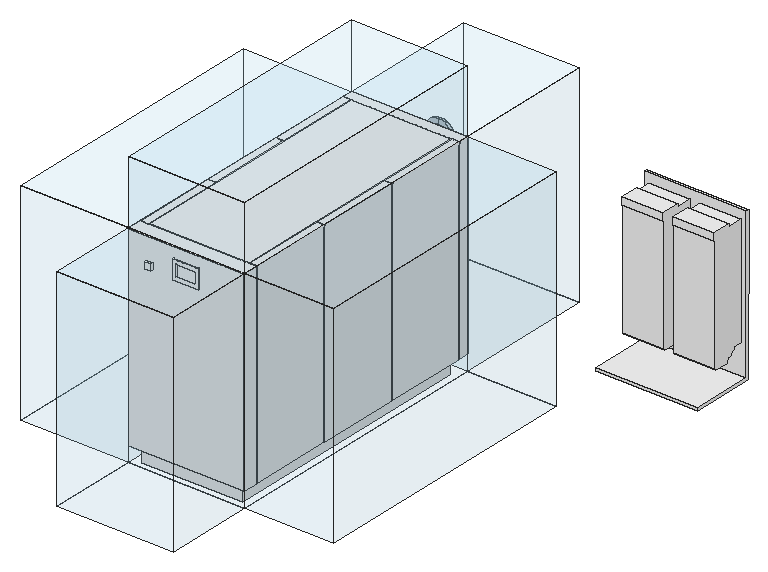
Revit family "VIESSMANN - Vitocal 350-G Pro 352 - C210", category Mechanical Equipment, Revit 2021
Family settings
  Round Connector Dimension = Use Diameter
  Part Type = Normal
  OmniClass Number = 23.75.10.21.17
  OmniClass Title = Water-Source Heat Pumps
  Work Plane-Based = No
  Always vertical = Yes
  Cut with Voids When Loaded = No
  Shared = No
  Room Calculation Point = No
Parameters (values of type "B0/W35")
  Wysokość całkowita = 1652.4 mm
  Waga przetwornicy częstotliwości wraz ze stelażem = 162.50 kg
  Odstęp minimalny pompy ciepła od ściany = "Odstęp minimalny pompy ciepła od ściany"  # constant formula
  Obieg wtórny. Strata ciśnienia przy znamionowym przepływie objętościowym = 36.0 kPa
  Obieg wtórny. Znamionowy przepływ objętościowy = 33.3 m³/h
  Obieg wtórny. Strata ciśnienia przy minimalnym przepływie objętościowym = 14.0 kPa
  Obieg wtórny. Pojemność wymiennika ciepła (woda) = 43.0 L
  Obieg wtórny. Różnica temperatur = "5 K"
  Obieg wtórny. Minimalny przepływ objętościowy = 11.7 m³/h
  Obieg wtórny. Maks. temperatura na zasilaniu obiegu wtórnego przy zasilaniu solanką z obiegu pierwotnego B –16°C = 56 °C
  Obieg wtórny. Maks. temperatura na zasilaniu obiegu wtórnego przy zasilaniu solanką z obiegu pierwotnego  B –7°C = 62 °C
  Obieg wtórny. Maks. temperatura na zasilaniu obiegu wtórnego przy zasilaniu solanką z obiegu pierwotnego B od –1 do 25°CB –1 = 75 °C
  Obieg pierwotny. Strata ciśnienia przy znamionowym przepływie objętościowym = 30.0 kPa
  Obieg pierwotny. Znamionowy przepływ objętościowy = 48.1 m³/h
  Znamionowe natężenie sprężarek (łącznie) = 106.5 A
  Znamionowa moc grzewcza = 192.6 kW
  Zakres mocy = "17 - 100%"
  Wydajność chłodnicza = 141.7 kW
  Stopień efektywności ∊ (COP) = 3.51
  Obieg pierwotny. Strata ciśnienia przy minimalnym przepływie = 10.0 kPa
  Obieg pierwotny. Pojemność wymiennika ciepła (solanka) = 43.0 L
  Podaj długość odsunięcia przetwornicy [instance] = "Maksymalny odstęp (c/d) - w bok 1400 mm, wzdłuż 1000 mm"  # constant formula
  Viessmann Kolor 1 = Viessmann Kolor 1
  URL = "https://www.viessmann.pl/"
  Szerokość całkowita = 911 mm
  Strefa serwisowa [instance] = yes
  Pobór mocy elektrycznej (bez pomp zewnętrznych) = 54.9 kW
  Odsunięcie przetwornicy wzdłuż "c" Rzeczywista [instance] = if([Odsunięcie przetwornicy wzdłuż "c"] > 2000 mm, 2000 mm, if([Odsunięcie przetwornicy wzdłuż "c"] < 500 mm, 500 mm, [Odsunięcie przetwornicy wzdłuż "c"]))  # 1000 mm
  Odsunięcie przetwornicy wzdłuż "c" [instance] = 1000 mm
  Odsunięcie przetwornicy w bok "d" Rzeczywista [instance] = if([Odsunięcie przetwornicy w bok "d"] > 1400 mm, 1400 mm, [Odsunięcie przetwornicy w bok "d"])  # 1400 mm
  Odsunięcie przetwornicy w bok "d" [instance] = 1400 mm
  Minimalna kubatura pomieszczenia = 78.00 m³
  Obieg wtórny. Min. temperatura na zasilaniu zasobnika lodu = 29 °C
  KOMUNIKAT = "Max. Długość przewodu od obudowy  - 2400 mm"  # constant formula
  Długość strefy serwisowej od ściany prawej = 700 mm  # constant formula
  Długość strefy serwisowej od ściany lewej = 850 mm  # constant formula
  Długość strefy serwisowej od tyłu "b" = 1100 mm  # constant formula
  Obieg pierwotny. Różnica temperatur = "3 K"
  Obieg pierwotny. Min. temperatura solanki na wlocie na granicy zabezpieczenia przed zamrożeniem –25,2°C (40% obj.) = -16 °C
  Obieg pierwotny. Min. temperatura solanki na wlocie na granicy zabezpieczenia przed zamrożeniem –16,1°C (30% obj.) = -7 °C
  Obieg pierwotny. Granica zabezpieczenia przed zamrożeniem. Źródła ciepła - grunt i woda = -16.1 °C
  Obieg pierwotny. Granica zabezpieczenia przed zamrożeniem. Źródła ciepła -  powietrze i zasobnik lodu = -25.2 °C
  Obieg pierwotny. Minimalny przepływ objętościowy (50% znamionowego przepływu objętościowego w przypadku B0/W35) = 22.3 m³/h
  Masa urządzenia podstwowego = 1650.00 kg
  Manufacturer = "Viessmann Sp. z o.o."
  Długość przewodu od obudowy ciepła (c+d) Rzeczywista [instance] = [Odsunięcie przetwornicy wzdłuż "c"] + [Odsunięcie przetwornicy w bok "d"]  # 2400 mm
  Długość przewodu od obudowy ciepła (c+d) [instance] = if([Odsunięcie przetwornicy wzdłuż "c"] + [Odsunięcie przetwornicy w bok "d"] > 2399 mm, 2400 mm, [Długość przewodu od obudowy ciepła (c+d) Rzeczywista])  # 2400 mm
  Description = "Vitocal 350-G PRO to kompaktowa, monowalentna pompa ciepła typu solanka/woda do ogrzewania, chłodzenia oraz podgrzewu wody użytkowej. Jako źródło ciepła można wykorzystać grunt, wodę gruntową lub powietrze zewnętrzne. Dzięki czterem typom, Vitocal 350-G PRO jest elastycznym rozwiązaniem grzewczym i chłodniczym, spełniającym indywidualne wymagania budynków mieszkalnych, komercyjnych i przemysłowych."
  Model = "Pompy ciepła solanka /woda Vitocal 350-G PRO o temperaturze zasilania do 75°C\r"  # constant formula
  Długość strefy serwisowej od przodu "e" = 700 mm  # constant formula
  Długość całkowita = 2190 mm
  Default Elevation = 0 mm
  Autor = "www.archispace.pl"
Types (3, lengths in mm): name | Obieg wtórny. Strata ciśnienia przy znamionowym przepływie objętościowym | Obieg wtórny. Znamionowy przepływ objętościowy | Obieg wtórny. Strata ciśnienia przy minimalnym przepływie objętościowym | Obieg wtórny. Różnica temperatur | Obieg wtórny. Minimalny przepływ objętościowy | Obieg pierwotny. Strata ciśnienia przy znamionowym przepływie objętościowym | Obieg pierwotny. Znamionowy przepływ objętościowy | Znamionowe natężenie sprężarek (łącznie) | Znamionowa moc grzewcza | Wydajność chłodnicza | Stopień efektywności ∊ (COP) | Obieg pierwotny. Strata ciśnienia przy minimalnym przepływie | Pobór mocy elektrycznej (bez pomp zewnętrznych)
  (no name) | 36.0 kPa | 33.3 m³/h | 14.0 kPa | "5 K" | 11.7 m³/h | 30.0 kPa | 48.1 m³/h | 106.5 A | 192.6 kW | 141.7 kW | 3.51 | 10.0 kPa | 54.9 kW
  B0/W35 | 36.0 kPa | 33.3 m³/h | 14.0 kPa | "5 K" | 11.7 m³/h | 30.0 kPa | 48.1 m³/h | 106.5 A | 192.6 kW | 141.7 kW | 3.51 | 10.0 kPa | 54.9 kW
  B0/W55 | 10.0 kPa | 17.4 m³/h | 4.0 kPa | "8 K" | 6.1 m³/h | 20.0 kPa | 33.7 m³/h | 119.8 A | 162.0 kW | 106.0 kW | 2.68 | 6.0 kPa | 60.4 kW
Reference planes
  plane 1 "Środek (Przód/Tył)": y = 50
  plane 2: z = 0
  plane 3 "Środek (Lewa/Prawa)": x = 0
  plane 4: y = 50
  plane 5: y = -2140
  plane 6: y = -2140
  plane 7: z = 1652.4
  plane 8: x = 455.5
  plane 9: x = -455.5
  plane 10: x = -1305.5
  plane 11: x = 1155.5
  plane 12: y = -2840
  plane 13: z = 2152.4
Forms (mm)
  Extrusion 1, solid, material "Viessmann Strefy Serwisowe", visible <- "Strefa serwisowa"
    sketch origin (0, 0, 0) x (1, 0, 0) y (0, 1, 0)
      loop
        line (-455.5, 50) -> (-1305.5, 50) -> (-1305.5, -2140) -> (-455.5, -2140) -> (-455.5, 50)
    from 0 to 1652.4
  Extrusion 2, solid, material "Viessmann Strefy Serwisowe", visible <- "Strefa serwisowa"
    sketch origin (0, 0, 0) x (-1, 0, 0) y (0, -1, 0)
      loop
        line (-455.5, -50) -> (-455.5, 2140) -> (-1155.5, 2140) -> (-1155.5, -50) -> (-455.5, -50)
    from 0 to 1652.4
  Extrusion 3, solid, material "Viessmann Strefy Serwisowe", visible <- "Strefa serwisowa"
    sketch origin (1476.269, 2188.659, 0) x (1, 0, 0) y (0, 1, 0)
      loop
        line (-1020.769, -1038.659) -> (-1931.769, -1038.659) -> (-1931.769, -2138.659) -> (-1020.769, -2138.659) -> (-1020.769, -1038.659)
    from 0 to 1652.4
  Extrusion 4, solid, material "Viessmann Strefy Serwisowe", visible <- "Strefa serwisowa"
    sketch origin (1476.269, 248.659, 0) x (1, 0, 0) y (0, 1, 0)
      loop
        line (-1020.769, -2388.659) -> (-1931.769, -2388.659) -> (-1931.769, -3088.659) -> (-1020.769, -3088.659) -> (-1020.769, -2388.659)
    from 0 to 1652.4
  Extrusion 5, solid, material "Viessmann Strefy Serwisowe", visible <- "Strefa serwisowa"
    sketch origin (0, 0, 0) x (1, 0, 0) y (0, 1, 0)
      loop
        line (455.5, 50) -> (-455.5, 50) -> (-455.5, -2140) -> (455.5, -2140) -> (455.5, 50)
    from 1652.4 to 2152.4
Lines and regions (mm)
  reference lines
    curve 1: line (1836.5, 1050, 0) -> (1855.5, 1050, 0)
    curve 2: line (1855.5, 1050, 0) -> (1855.5, 1550, 0)
Dimensions and locks
  "Długość całkowita": plane 5 to plane 1 "Środek (Przód/Tył)"
  "Wysokość całkowita": plane 7 to plane 2
  Extrusion 4 sketch curve to plane 3 "Środek (Lewa/Prawa)" = 455.5 mm
  plane 3 "Środek (Lewa/Prawa)" to Extrusion 4 sketch curve = 455.5 mm
  Extrusion 3 sketch curve to plane 3 "Środek (Lewa/Prawa)" = 455.5 mm
  plane 3 "Środek (Lewa/Prawa)" to Extrusion 3 sketch curve = 455.5 mm
  equal spacing: plane 9, plane 3 "Środek (Lewa/Prawa)", plane 8
  "Szerokość całkowita": plane 9 to plane 8
  "Długość strefy serwisowej od tyłu "b"": Extrusion 3 sketch curve to plane 4
  "Odsunięcie przetwornicy wzdłuż "c" Rzeczywista": plane 4 to curve 1
  "Odsunięcie przetwornicy w bok "d" Rzeczywista": plane 8 to curve 2
  "Długość strefy serwisowej od ściany lewej": plane 10 to plane 9
  "Długość strefy serwisowej od ściany prawej": plane 8 to plane 11
  "Długość strefy serwisowej od przodu "e"": plane 5 to plane 12
  plane 4 to nested 2 = 500 mm
  plane 8 to nested 2 = 600 mm
  locked: plane 13 to plane 7 at 500
  aligned and locked: level to plane 2
  aligned and locked: Extrusion 1 to plane 5
  aligned and locked: Extrusion 1 to Extrusion 2
  aligned and locked: Extrusion 4 to Extrusion 1
  aligned and locked: Extrusion 2 to plane 1 "Środek (Przód/Tył)"
  aligned and locked: plane 7 to Extrusion 1
  aligned and locked: Extrusion 2 to plane 7
  aligned and locked: plane 7 to Extrusion 3
  aligned and locked: plane 7 to Extrusion 4
  aligned and locked: nested 1 to plane 3 "Środek (Lewa/Prawa)"
  aligned and locked: nested 1 to plane 4
  aligned and locked: Extrusion 3 to plane 4
  aligned and locked: Extrusion 3 sketch curve to plane 4
  aligned and locked: plane 4 to Extrusion 1 sketch curve
  aligned and locked: nested 2 to curve 1
  aligned and locked: nested 2 to curve 2
  aligned and locked: Extrusion 1 sketch curve to plane 10
  aligned and locked: Extrusion 2 sketch curve to plane 11
  aligned and locked: Extrusion 2 sketch curve to plane 8
  aligned and locked: Extrusion 1 sketch curve to plane 9
  aligned and locked: Extrusion 4 sketch curve to plane 12
  aligned and locked: Extrusion 5 to plane 7
  aligned and locked: plane 8 to Extrusion 5
  aligned and locked: Extrusion 5 to plane 9
  aligned and locked: Extrusion 5 to plane 5
  aligned and locked: Extrusion 5 to plane 1 "Środek (Przód/Tył)"
Automatic sketch dimensions
  Extrusion 1 sketch curve to plane 5 = 0 mm
  plane 1 "Środek (Przód/Tył)" to Extrusion 2 sketch curve = 0 mm
  plane 5 to Extrusion 2 sketch curve = 0 mm
  Extrusion 4 sketch curve to plane 5 = 0 mm
  plane 1 "Środek (Przód/Tył)" to Extrusion 5 sketch curve = 0 mm
  plane 10 to Extrusion 5 sketch curve = 850 mm
  plane 5 to Extrusion 5 sketch curve = 0 mm
  Extrusion 5 sketch curve to plane 9 = 911 mm
  curve 1 to curve 1 = 19 mm
  curve 1 to curve 2 = 500 mm
Nested families
  nested 1: "Vitocal 350-G PRO 352. typ C210" at (0, 50, 0), type "C210"
  nested 2: "Vitocal - Przetwornica częstotliwości ze stależem" at (1455.5, 800, 0), type "C210"
Connectors
  electrical at (-272.721, -30, 1564.6), driven by "Pobór mocy elektrycznej (bez pomp zewnętrznych)"
    settings: on nested 1, index 2, voltage 400 V, apparent load 54900 VA, apparent load phase1 0 VA, apparent load phase2 0 VA, apparent load phase3 0 VA, power factor 1, load classification "Other", number of poles 1, system type 30, power factor state 1, is connector primary yes, connector utility no, sub classification motor no, connector description ""
  piping at (-45.519, 410, 1345.002), diameter 88, driven by "Obieg wtórny. Znamionowy przepływ objętościowy"
    settings: on nested 1, index 3, connector inside diameter 609.6 mm, connector length 0 mm, flow factor 0, pipe flow 33.3 m³/h, pressure drop 0.0 kPa, fitting loss kfactor 0, connector angle 0.00°, fixture units 0, engagement length 0 mm, angle of deflection 0.00°, flow configuration 0, flow direction 0, fitting loss method 0, system type 7, joint type 0, gender type 0, connector reference index -1, connector utility 0, adjustable connector no, is connector primary yes, connector description ""
  piping at (-45.519, 410, 491.002), diameter 88, driven by "Obieg wtórny. Znamionowy przepływ objętościowy"
    settings: on nested 1, index 4, connector inside diameter 609.6 mm, connector length 0 mm, flow factor 0, pipe flow 33.3 m³/h, pressure drop 0.0 kPa, fitting loss kfactor 0, connector angle 0.00°, fixture units 0, engagement length 0 mm, angle of deflection 0.00°, flow configuration 0, flow direction 0, fitting loss method 0, system type 8, joint type 0, gender type 0, connector reference index -1, connector utility 0, adjustable connector no, is connector primary no, connector description ""
  piping at (148.481, 215, 491.002), diameter 88, driven by "Obieg pierwotny. Znamionowy przepływ objętościowy"
    settings: on nested 1, index 5, connector inside diameter 609.6 mm, connector length 0 mm, flow factor 0, pipe flow 48.1 m³/h, pressure drop 0.0 kPa, fitting loss kfactor 0, connector angle 0.00°, fixture units 0, engagement length 0 mm, angle of deflection 0.00°, flow configuration 0, flow direction 0, fitting loss method 0, system type 8, joint type 0, gender type 0, connector reference index -1, connector utility 0, adjustable connector no, is connector primary no, connector description ""
  piping at (148.481, 215, 1345.002), diameter 88, driven by "Obieg pierwotny. Znamionowy przepływ objętościowy"
    settings: on nested 1, index 6, connector inside diameter 609.6 mm, connector length 0 mm, flow factor 0, pipe flow 48.1 m³/h, pressure drop 0.0 kPa, fitting loss kfactor 0, connector angle 0.00°, fixture units 0, engagement length 0 mm, angle of deflection 0.00°, flow configuration 0, flow direction 0, fitting loss method 0, system type 7, joint type 0, gender type 0, connector reference index -1, connector utility 0, adjustable connector no, is connector primary no, connector description ""
Definition of nested family "Vitocal 350-G PRO 352. typ C210"
  Parameters (values of type "C210")
    Wysokość = 1652.4 mm
    Szerokość = 911 mm
    Materiał = none
    Inny odstęp = no
    Długość = 2191 mm
    Default Elevation = 0 mm
  Reference planes
    plane 1 "Center (Front/Back)": y = 0
    plane 2: z = 0
    plane 3 "Center (Left/Right)": x = 0
    plane 4: z = 1652.4
    plane 5: z = 126.2
    plane 6: x = 455.5
    plane 7: x = -455.5
    plane 8: x = -451.5
    plane 9: x = 451.5
    plane 10: y = -4
    plane 11: z = 491.002
    plane 12: y = -2191
    plane 13: y = -2211
    plane 14: y = -2198
    plane 15: x = -395
    plane 16: x = 395
    plane 17: z = 1345.002
    plane 18: x = 148.481
    plane 19: x = -45.519
    plane 20: y = 360
  Forms (mm)
    Extrusion 1, solid, material <- "Materiał", detail levels medium+fine
      sketch origin (0, -876.5, 0) x (1, 0, 0) y (0, 1, 0)
        loop
          line (-398.973, 793.559) -> (-450.996, 793.559)
          arc (-450.996, 793.559) -> (-453.825, 792.387) -> (-454.996, 789.559) r 4
          line (-454.996, 789.559) -> (-454.996, 137.559)
          arc (-454.996, 137.559) -> (-453.825, 134.731) -> (-450.996, 133.559) r 4
          line (-450.996, 133.559) -> (-398.973, 133.559)
          arc (-398.973, 133.559) -> (-396.144, 134.731) -> (-394.973, 137.559) r 4
          line (-394.973, 137.559) -> (-394.973, 789.559)
          arc (-394.973, 789.559) -> (-396.144, 792.387) -> (-398.973, 793.559) r 4
        loop
          line (-398.973, 130.559) -> (-450.996, 130.559)
          arc (-450.996, 130.559) -> (-453.825, 129.387) -> (-454.996, 126.559) r 4
          line (-454.996, 126.559) -> (-454.996, -525.441)
          arc (-454.996, -525.441) -> (-453.825, -528.269) -> (-450.996, -529.441) r 4
          line (-450.996, -529.441) -> (-398.973, -529.441)
          arc (-398.973, -529.441) -> (-396.144, -528.269) -> (-394.973, -525.441) r 4
          line (-394.973, -525.441) -> (-394.973, 126.559)
          arc (-394.973, 126.559) -> (-396.144, 129.387) -> (-398.973, 130.559) r 4
        loop
          line (-398.973, -532.336) -> (-450.996, -532.336)
          arc (-450.996, -532.336) -> (-453.825, -533.508) -> (-454.996, -536.336) r 4
          line (-454.996, -536.336) -> (-454.996, -1188.336)
          arc (-454.996, -1188.336) -> (-453.825, -1191.165) -> (-450.996, -1192.336) r 4
          line (-450.996, -1192.336) -> (-398.973, -1192.336)
          arc (-398.973, -1192.336) -> (-396.144, -1191.165) -> (-394.973, -1188.336) r 4
          line (-394.973, -1188.336) -> (-394.973, -536.336)
          arc (-394.973, -536.336) -> (-396.144, -533.508) -> (-398.973, -532.336) r 4
        loop
          line (451.5, 793.559) -> (399.476, 793.559)
          arc (399.476, 793.559) -> (396.648, 792.387) -> (395.476, 789.559) r 4
          line (395.476, 789.559) -> (395.476, 137.559)
          arc (395.476, 137.559) -> (396.648, 134.731) -> (399.476, 133.559) r 4
          line (399.476, 133.559) -> (451.5, 133.559)
          arc (451.5, 133.559) -> (454.328, 134.731) -> (455.5, 137.559) r 4
          line (455.5, 137.559) -> (455.5, 789.559)
          arc (455.5, 789.559) -> (454.328, 792.387) -> (451.5, 793.559) r 4
        loop
          line (451.5, 130.559) -> (399.476, 130.559)
          arc (399.476, 130.559) -> (396.648, 129.387) -> (395.476, 126.559) r 4
          line (395.476, 126.559) -> (395.476, -525.441)
          arc (395.476, -525.441) -> (396.648, -528.269) -> (399.476, -529.441) r 4
          line (399.476, -529.441) -> (451.5, -529.441)
          arc (451.5, -529.441) -> (454.328, -528.269) -> (455.5, -525.441) r 4
          line (455.5, -525.441) -> (455.5, 126.559)
          arc (455.5, 126.559) -> (454.328, 129.387) -> (451.5, 130.559) r 4
        loop
          line (451.5, -532.336) -> (399.476, -532.336)
          arc (399.476, -532.336) -> (396.648, -533.508) -> (395.476, -536.336) r 4
          line (395.476, -536.336) -> (395.476, -1188.336)
          arc (395.476, -1188.336) -> (396.648, -1191.165) -> (399.476, -1192.336) r 4
          line (399.476, -1192.336) -> (451.5, -1192.336)
          arc (451.5, -1192.336) -> (454.328, -1191.165) -> (455.5, -1188.336) r 4
          line (455.5, -1188.336) -> (455.5, -536.336)
          arc (455.5, -536.336) -> (454.328, -533.508) -> (451.5, -532.336) r 4
        loop
          arc (392.53, 789.559) -> (391.358, 792.387) -> (388.53, 793.559) r 4
          line (388.53, 793.559) -> (-388.07, 793.559)
          arc (-388.07, 793.559) -> (-390.898, 792.387) -> (-392.07, 789.559) r 4
          line (-392.07, 789.559) -> (-392.07, -1188.336)
          arc (-392.07, -1188.336) -> (-390.898, -1191.165) -> (-388.07, -1192.336) r 4
          line (-388.07, -1192.336) -> (388.53, -1192.336)
          arc (388.53, -1192.336) -> (391.358, -1191.165) -> (392.53, -1188.336) r 4
          line (392.53, -1188.336) -> (392.53, 789.559)
        loop
          arc (-451.5, -1194.5) -> (-454.328, -1195.672) -> (-455.5, -1198.5) r 4
          line (-455.5, -1198.5) -> (-455.5, -1310.5)
          arc (-455.5, -1310.5) -> (-454.328, -1313.328) -> (-451.5, -1314.5) r 4
          line (-451.5, -1314.5) -> (451.5, -1314.5)
          arc (451.5, -1314.5) -> (454.328, -1313.328) -> (455.5, -1310.5) r 4
          line (455.5, -1310.5) -> (455.5, -1198.5)
          arc (455.5, -1198.5) -> (454.328, -1195.672) -> (451.5, -1194.5) r 4
          line (451.5, -1194.5) -> (-451.5, -1194.5)
        loop
          arc (-451.5, 876.5) -> (-454.328, 875.328) -> (-455.5, 872.5) r 4
          line (-455.5, 872.5) -> (-455.5, 800.5)
          arc (-455.5, 800.5) -> (-454.328, 797.672) -> (-451.5, 796.5) r 4
          line (-451.5, 796.5) -> (451.5, 796.5)
          arc (451.5, 796.5) -> (454.328, 797.672) -> (455.5, 800.5) r 4
          line (455.5, 800.5) -> (455.5, 872.5)
          arc (455.5, 872.5) -> (454.328, 875.328) -> (451.5, 876.5) r 4
          line (451.5, 876.5) -> (-451.5, 876.5)
      from 126.2 to 1652.4
    Extrusion 2, solid, material <- "Materiał", detail levels medium+fine
      sketch origin (0, 177.022, 0) x (0, 1, 0) y (0, 0, 1)
        loop
          line (-278.072, 126.2) -> (-2313.122, 126.2) -> (-2313.122, 0) -> (-278.072, 0) -> (-278.072, 126.2)
      from -395 to 395
    Extrusion 3, solid, material <- "Materiał", detail levels fine
      sketch origin (0, 0, -4) x (1, 0, 0) y (0, 0, 1)
        loop
          line (-313.5, 1431.4) -> (-263.5, 1431.4) -> (-263.5, 1481.4) -> (-313.5, 1481.4) -> (-313.5, 1431.4)
      from 2191 to 2211
    Extrusion 4, void
      sketch origin (-19.603, -5, 1652.4) x (0, 0, -1) y (-1, 0, 0)
        loop
          line (121.45, -305.332) -> (121.45, -111.832) -> (58.95, -111.832) -> (58.95, -305.332) -> (121.45, -305.332)
        loop
          line (121.45, -55.332) -> (121.45, 138.168) -> (58.95, 138.168) -> (58.95, -55.332) -> (121.45, -55.332)
        loop
          circle (90.2, 253.118) r 69
        loop
          circle (1348.7, -207.332) r 8.5
        loop
          circle (1348.7, -182.332) r 8.5
        loop
          circle (1348.7, -132.332) r 25.5
        loop
          circle (1348.7, -57.332) r 25.5
        loop
          circle (1348.7, 17.668) r 20.5
        loop
          circle (1348.7, 92.668) r 20.5
        loop
          circle (1348.7, 142.668) r 8.5
        loop
          circle (1348.7, 167.668) r 8.5
        loop
          arc (206.2, -166.583) -> (235.489, -237.293) -> (306.2, -266.583) r 100
          arc (306.2, -266.583) -> (376.911, -237.293) -> (406.2, -166.583) r 100
          line (406.2, -166.583) -> (406.2, 26.917)
          arc (406.2, 26.917) -> (306.2, 126.917) -> (206.2, 26.917) r 100
          line (206.2, 26.917) -> (206.2, -166.583)
        loop
          line (1060.2, 26.917) -> (1060.2, -166.583)
          arc (1060.2, -166.583) -> (1089.489, -237.293) -> (1160.2, -266.583) r 100
          arc (1160.2, -266.583) -> (1230.911, -237.293) -> (1260.2, -166.583) r 100
          line (1260.2, -166.583) -> (1260.2, 26.917)
          arc (1260.2, 26.917) -> (1160.2, 126.917) -> (1060.2, 26.917) r 100
      from -77.941 to 5
    Extrusion 5, solid, material <- "Materiał", detail levels fine
      sketch origin (0, 0, 0) x (1, 0, 0) y (0, 0, 1)
        loop
          line (-100, 1416.675) -> (100, 1416.675) -> (100, 1566.676) -> (-100, 1566.676) -> (-100, 1416.675)
        loop
          line (-76.25, 1445.955) -> (76.25, 1445.955) -> (76.25, 1537.425) -> (-76.25, 1537.425) -> (-76.25, 1445.955)
      from 2198.075 to 2191
    Extrusion 6, solid, material <- "Materiał", detail levels coarse
      sketch origin (0, 0, 0) x (1, 0, 0) y (0, 1, 0)
        loop
          line (-455.5, 0) -> (-455.5, -2190) -> (455.5, -2190) -> (455.5, 0) -> (-455.5, 0)
      from 0 to 1652.4
    Revolve 7, solid, detail levels medium+fine
      sketch origin (148.481, -2196, 1534.354) x (0, 0, 1) y (0, 1, 0)
        loop
          line (-132.352, 2116) -> (-132.352, 2319.397) -> (-121.352, 2341) -> (-79.352, 2341) -> (-79.352, 2358) -> (-110.068, 2358) -> (-110.068, 2361) -> (-189.352, 2361) -> (-189.352, 2116) -> (-132.352, 2116)
        axis (-189.352, 2361) -> (-189.352, 2116)
      angle from 0 to 360
    Revolve 8, solid, detail levels medium+fine
      sketch origin (-45.519, -2196, 1534.354) x (0, 0, 1) y (0, 1, 0)
        loop
          line (-132.352, 2116) -> (-132.352, 2514.397) -> (-121.352, 2536) -> (-79.352, 2536) -> (-79.352, 2553) -> (-110.068, 2553) -> (-110.068, 2556) -> (-189.352, 2556) -> (-189.352, 2116) -> (-132.352, 2116)
        axis (-189.352, 2556) -> (-189.352, 2116)
      angle from 0 to 360
    Revolve 9, solid, detail levels medium+fine
      sketch origin (148.481, -2196, 680.354) x (0, 0, 1) y (0, 1, 0)
        loop
          line (-132.352, 2116) -> (-132.352, 2319.397) -> (-121.352, 2341) -> (-79.352, 2341) -> (-79.352, 2358) -> (-110.068, 2358) -> (-110.068, 2361) -> (-189.352, 2361) -> (-189.352, 2116) -> (-132.352, 2116)
        axis (-189.352, 2361) -> (-189.352, 2116)
      angle from 0 to 360
    Revolve 10, solid, detail levels medium+fine
      sketch origin (-45.519, -2196, 680.354) x (0, 0, 1) y (0, 1, 0)
        loop
          line (-132.352, 2116) -> (-132.352, 2514.397) -> (-121.352, 2536) -> (-79.352, 2536) -> (-79.352, 2553) -> (-110.068, 2553) -> (-110.068, 2556) -> (-189.352, 2556) -> (-189.352, 2116) -> (-132.352, 2116)
        axis (-189.352, 2556) -> (-189.352, 2116)
      angle from 0 to 360
  Cuts and joins
    Extrusion 4 cuts Extrusion 1
  Dimensions and locks
    "Wysokość": plane 4 to level
    locked: plane 5 to level at 126.2
    equal spacing: plane 6, plane 3 "Center (Left/Right)", plane 7
    "Szerokość": plane 6 to plane 7
    locked: plane 7 to plane 8 at 4
    locked: plane 9 to plane 6 at 4
    plane 9 to plane 16 = 56.5 mm
    plane 8 to plane 9 = 903 mm
    locked: plane 10 to plane 1 "Center (Front/Back)" at 4
    locked: plane 8 to plane 15 at 56.5
    locked: plane 12 to plane 13 at 20
    "Długość": plane 1 "Center (Front/Back)" to plane 12
    aligned and locked: level to plane 2
    aligned and locked: plane 7 to Extrusion 6 sketch curve
    aligned and locked: Extrusion 6 sketch curve to plane 6
    aligned and locked: Extrusion 6 to level
    aligned and locked: plane 4 to Extrusion 6
    aligned and locked: Extrusion 1 to Extrusion 2
    aligned and locked: Extrusion 6 to plane 1 "Center (Front/Back)"
    aligned and locked: Revolve 7 sketch curve to cut or joined group of Extrusion 1, Extrusion 4
    aligned and locked: plane 17 to Revolve 7 sketch curve  (x2)
  Automatic sketch dimensions
    Extrusion 1 sketch curve to plane 7 = 0 mm  (x2)
    Extrusion 1 sketch curve to plane 8 = 0 mm  (x4)
    Extrusion 1 sketch curve to plane 9 = 0 mm  (x10)
    plane 1 "Center (Front/Back)" to Extrusion 1 sketch curve = 0 mm
    Extrusion 1 sketch curve to plane 6 = 0 mm  (x5)
    plane 12 to Extrusion 1 sketch curve = 0 mm
    plane 7 to Extrusion 1 sketch curve = 0.504 mm  (x3)
    Extrusion 1 sketch curve to plane 8 = 0.504 mm  (x6)
    Extrusion 1 sketch curve to plane 15 = 3.973 mm  (x5)
    Extrusion 1 sketch curve to Extrusion 1 sketch curve = 0 mm  (x4)
    plane 15 to Extrusion 1 sketch curve = 0.027 mm  (x3)
    Extrusion 1 sketch curve to Extrusion 1 sketch curve = 2.903 mm
    Extrusion 1 sketch curve to Extrusion 1 sketch curve = 4 mm  (x6)
    Extrusion 1 sketch curve to plane 16 = 6.47 mm  (x2)
    Extrusion 1 sketch curve to plane 16 = 2.47 mm
    plane 16 to Extrusion 1 sketch curve = 0.476 mm  (x3)
    plane 16 to Extrusion 1 sketch curve = 4.476 mm  (x3)
    Extrusion 1 sketch curve to Extrusion 1 sketch curve = 112 mm
    Extrusion 1 sketch curve to Extrusion 1 sketch curve = 2.164 mm
    Extrusion 1 sketch curve to Extrusion 1 sketch curve = 652 mm  (x4)
    Extrusion 1 sketch curve to Extrusion 1 sketch curve = 2.895 mm  (x2)
    Extrusion 1 sketch curve to Extrusion 1 sketch curve = 3 mm  (x2)
    plane 10 to Extrusion 1 sketch curve = 82.941 mm
    Extrusion 1 sketch curve to Extrusion 1 sketch curve = 2.941 mm
    Extrusion 2 sketch curve to plane 5 = 0 mm
    Extrusion 2 sketch curve to level = 0 mm
    Extrusion 2 sketch curve to plane 12 = 54.9 mm
    plane 10 to Extrusion 2 sketch curve = 97.05 mm
    plane 15 to Extrusion 3 sketch curve = 81.5 mm
    Extrusion 3 sketch curve to Extrusion 3 sketch curve = 50 mm  (x2)
    Extrusion 3 sketch curve to plane 17 = 82.398 mm
    Extrusion 4 sketch curve to Extrusion 4 sketch curve = 0 mm  (x9)
    Extrusion 4 sketch curve to plane 4 = 58.95 mm  (x2)
    Extrusion 4 sketch curve to plane 4 = 90.2 mm
    Extrusion 4 sketch curve to Extrusion 4 sketch curve = 62.5 mm  (x2)
    plane 19 to Extrusion 4 sketch curve = 1.001 mm  (x2)
    Extrusion 4 sketch curve to plane 17 = 101.198 mm
    Extrusion 4 sketch curve to plane 17 = 1.198 mm
    plane 18 to Extrusion 4 sketch curve = 1.501 mm  (x2)
    Extrusion 4 sketch curve to plane 11 = 101.198 mm
    Extrusion 4 sketch curve to plane 11 = 1.198 mm
    Extrusion 4 sketch curve to Extrusion 4 sketch curve = 88.5 mm  (x3)
    Extrusion 4 sketch curve to plane 18 = 39.249 mm
    plane 3 "Center (Left/Right)" to Extrusion 4 sketch curve = 37.729 mm
    plane 18 to Extrusion 4 sketch curve = 35.751 mm
    Extrusion 4 sketch curve to plane 19 = 8.249 mm
    Extrusion 4 sketch curve to plane 16 = 109.271 mm
    Extrusion 4 sketch curve to plane 18 = 14.249 mm
    plane 18 to Extrusion 4 sketch curve = 56.251 mm
    plane 3 "Center (Left/Right)" to Extrusion 4 sketch curve = 35.729 mm
    plane 19 to Extrusion 4 sketch curve = 66.751 mm
    plane 19 to Extrusion 4 sketch curve = 112.251 mm
    Extrusion 4 sketch curve to Extrusion 4 sketch curve = 50 mm
    Extrusion 4 sketch curve to Extrusion 4 sketch curve = 25 mm
    Extrusion 4 sketch curve to Extrusion 4 sketch curve = 114.95 mm
    plane 19 to Extrusion 5 sketch curve = 54.481 mm
    plane 19 to Extrusion 5 sketch curve = 30.731 mm
    plane 18 to Extrusion 5 sketch curve = 72.231 mm
    Extrusion 5 sketch curve to Extrusion 5 sketch curve = 23.75 mm
    Extrusion 5 sketch curve to plane 17 = 71.673 mm
    Extrusion 5 sketch curve to Extrusion 5 sketch curve = 29.28 mm
    Extrusion 5 sketch curve to Extrusion 5 sketch curve = 91.47 mm
    Extrusion 5 sketch curve to Extrusion 5 sketch curve = 29.251 mm
    plane 1 "Center (Front/Back)" to Extrusion 6 sketch curve = 0 mm
    Extrusion 6 sketch curve to plane 12 = 1 mm
    Revolve 7 sketch curve to plane 17 = 57 mm
    Revolve 7 sketch curve to Revolve 7 sketch curve = 11 mm
    Revolve 7 sketch curve to Revolve 7 sketch curve = 11.284 mm
    Revolve 7 sketch curve to Revolve 7 sketch curve = 30.716 mm
    Revolve 7 sketch curve to plane 1 "Center (Front/Back)" = 123.397 mm
    Revolve 7 sketch curve to Revolve 7 sketch curve = 21.603 mm
    Revolve 7 sketch curve to Revolve 7 sketch curve = 17 mm
    Revolve 7 sketch curve to Revolve 7 sketch curve = 3 mm
    Revolve 7 sketch curve to Revolve 7 sketch curve = 66.196 mm
    plane 17 to Revolve 8 sketch curve = 0 mm  (x2)
    Revolve 8 sketch curve to plane 17 = 57 mm
    Revolve 8 sketch curve to Revolve 8 sketch curve = 11 mm
    Revolve 8 sketch curve to Revolve 8 sketch curve = 11.284 mm
    Revolve 8 sketch curve to Revolve 8 sketch curve = 30.716 mm
    plane 10 to Revolve 8 sketch curve = 76 mm
    Revolve 8 sketch curve to Revolve 8 sketch curve = 21.603 mm
    Revolve 8 sketch curve to Revolve 8 sketch curve = 17 mm
    Revolve 8 sketch curve to Revolve 8 sketch curve = 3 mm
    Revolve 8 sketch curve to Revolve 8 sketch curve = 66.196 mm
    Revolve 8 sketch curve to Revolve 8 sketch curve = 76.343 mm
    plane 11 to Revolve 9 sketch curve = 0 mm  (x2)
    Revolve 9 sketch curve to plane 11 = 57 mm
    Revolve 9 sketch curve to Revolve 9 sketch curve = 11 mm
    Revolve 9 sketch curve to Revolve 9 sketch curve = 11.284 mm
    Revolve 9 sketch curve to Revolve 9 sketch curve = 30.716 mm
    plane 10 to Revolve 9 sketch curve = 76 mm
    Revolve 9 sketch curve to plane 1 "Center (Front/Back)" = 123.397 mm
    Revolve 9 sketch curve to Revolve 9 sketch curve = 21.603 mm
    Revolve 9 sketch curve to Revolve 9 sketch curve = 17 mm
    Revolve 9 sketch curve to Revolve 9 sketch curve = 3 mm
    Revolve 9 sketch curve to Revolve 9 sketch curve = 66.196 mm
    plane 11 to Revolve 10 sketch curve = 0 mm  (x2)
    Revolve 10 sketch curve to plane 11 = 57 mm
    Revolve 10 sketch curve to Revolve 10 sketch curve = 11 mm
    Revolve 10 sketch curve to Revolve 10 sketch curve = 11.284 mm
    Revolve 10 sketch curve to Revolve 10 sketch curve = 30.716 mm
    plane 10 to Revolve 10 sketch curve = 76 mm
    Revolve 10 sketch curve to Revolve 10 sketch curve = 21.603 mm
    Revolve 10 sketch curve to Revolve 10 sketch curve = 17 mm
    Revolve 10 sketch curve to Revolve 10 sketch curve = 3 mm
    Revolve 10 sketch curve to Revolve 10 sketch curve = 66.196 mm
    Revolve 10 sketch curve to Revolve 10 sketch curve = 76.343 mm
    Revolve 7 sketch curve to Revolve 7 sketch curve = 271.343 mm
    Revolve 8 sketch curve to plane 1 "Center (Front/Back)" = 318.397 mm
    Revolve 9 sketch curve to Revolve 9 sketch curve = 271.343 mm
    Revolve 10 sketch curve to plane 1 "Center (Front/Back)" = 318.397 mm
    radius of Extrusion 4 sketch curve = 69 mm
    radius of Extrusion 4 sketch curve = 8.5 mm  (x4)
    radius of Extrusion 4 sketch curve = 25.5 mm  (x2)
    radius of Extrusion 4 sketch curve = 20.5 mm  (x2)
Definition of nested family "Vitocal - Przetwornica częstotliwości ze stależem"
  Parameters (values of type "C075. C100. C150")
    Wysokość = 910 mm
    Szerokość = 500 mm
    Materiał = none
    Inny odstęp = no
    Długość = 580 mm
    Default Elevation = 0 mm
  Types (2, lengths in mm): name | Wysokość | Długość
    C075. C100. C150 | 910 | 580
    C210 | 1193 | 800
  Reference planes
    plane 1 "Center (Front/Back)": y = 0
    plane 2: z = 0
    plane 3 "Center (Left/Right)": x = 0
    plane 4: z = 910
    plane 5: x = -290
    plane 6: x = 290
    plane 7: y = 250
    plane 8: y = -250
    plane 9: z = 860
    plane 10: x = -145
    plane 11: x = -40
    plane 12: x = -250
    plane 13: z = 170.641
    plane 14: x = 145
    plane 15: x = 40
    plane 16: x = 250
  Forms (mm)
    Extrusion 1, solid, material <- "Materiał", detail levels coarse+medium
      sketch origin (0, 0, 0) x (1, 0, 0) y (0, 1, 0)
        loop
          line (-290, 250) -> (-290, -250) -> (290, -250) -> (290, 250) -> (-290, 250)
      from 0 to 910
    Sweep 2, solid, material <- "Materiał", detail levels fine
      path origin (0, 0, 0) x (1, 0, 0) y (0, 1, 0)
        loop
          line (290, 0) -> (-290, 0)
      profile origin (0, 0, 0) x (0, -1, 0) y (0, 0, 1)
        loop
          line (-250, 0) -> (250, 0) -> (250, 20) -> (-230, 20) -> (-230, 910) -> (-250, 910) -> (-250, 0)
    Sweep 3, solid, material <- "Materiał", detail levels fine
      path origin (0, 219.668, 170.641) x (0, 1, 0) y (-1, 0, 0)
        loop
          line (-219.668, 40) -> (-219.668, 250)
      profile origin (-145, 0, 170.641) x (0, -1, 0) y (0, 0, 1)
        loop
          line (-107.85, 669.3) -> (-230, 669.3) -> (-230, 83.3) -> (-162, 83.3) -> (-162, 65.3) -> (-147, 65.3) -> (-127.5, 45.3) -> (-127.5, 40.3)
          arc (-127.5, 40.3) -> (-124.571, 33.229) -> (-117.5, 30.3) r 10
          line (-117.5, 30.3) -> (-98.5, 30.3) -> (-98.5, 16.3) -> (-91.5, 16.3) -> (-91.5, 12.8) -> (-85.25, 12.8) -> (-85.25, 0) -> (18.25, 0) -> (18.25, 12.8) -> (24.5, 12.8) -> (24.5, 16.65) -> (31.85, 17.036) -> (31.85, 632.8) -> (40.85, 632.8) -> (40.85, 689.359) -> (-107.85, 689.359) -> (-107.85, 669.3)
    Sweep 4, solid, material <- "Materiał", detail levels fine
      path origin (0, 219.668, 170.641) x (0, 1, 0) y (-1, 0, 0)
        loop
          line (-219.668, -40) -> (-219.668, -250)
      profile origin (145, 0, 170.641) x (0, 1, 0) y (0, 0, 1)
        loop
          line (107.85, 669.359) -> (107.85, 689.359) -> (-40.85, 689.359) -> (-40.85, 632.8) -> (-31.85, 632.8) -> (-31.85, 17.036) -> (-24.5, 16.65) -> (-24.5, 12.8) -> (-18.25, 12.8) -> (-18.25, 0) -> (85.25, 0) -> (85.25, 12.8) -> (91.5, 12.8) -> (91.5, 16.3) -> (98.5, 16.3) -> (98.5, 30.3) -> (117.5, 30.3)
          arc (117.5, 30.3) -> (124.571, 33.229) -> (127.5, 40.3) r 10
          line (127.5, 40.3) -> (127.5, 45.3) -> (147, 65.3) -> (162, 65.3) -> (162, 83.3) -> (230, 83.3) -> (230, 669.359) -> (107.85, 669.359)
  Dimensions and locks
    "Wysokość": plane 4 to level
    equal spacing: plane 7, plane 1 "Center (Front/Back)", plane 8
    equal spacing: plane 5, plane 3 "Center (Left/Right)", plane 6
    "Szerokość": plane 7 to plane 8
    "Długość": plane 5 to plane 6
    locked: plane 7 to Sweep 2 sketch curve at 20
    locked: Extrusion 1 to Sweep 2 sketch curve at 20
    equal spacing: plane 3 "Center (Left/Right)", plane 10, plane 5
    locked: plane 4 to plane 9 at 50
    locked: plane 13 to level at 170.641
    locked: plane 9 to Sweep 4 sketch curve at 20
    locked: plane 5 to plane 12 at 40
    locked: plane 16 to plane 6 at 40
    locked: plane 11 to plane 15 at 80
    aligned and locked: level to plane 2
    aligned and locked: plane 5 to Extrusion 1 sketch curve
    aligned and locked: Extrusion 1 sketch curve to plane 7
    aligned and locked: Extrusion 1 sketch curve to plane 6
    aligned and locked: plane 8 to Extrusion 1 sketch curve
    aligned and locked: plane 4 to Extrusion 1
    aligned and locked: plane 5 to Sweep 2 sketch curve
    aligned and locked: plane 6 to Sweep 2 sketch curve
    aligned and locked: Sweep 2 sketch curve to plane 7
    aligned and locked: Sweep 2 sketch curve to plane 4
    aligned and locked: Sweep 2 sketch curve to plane 2
    aligned and locked: Sweep 2 sketch curve to plane 8
    aligned and locked: Sweep 3 sketch curve to plane 1 "Center (Front/Back)"
    aligned and locked: plane 12 to Sweep 3 sketch curve
    aligned and locked: plane 11 to Sweep 3 sketch curve
    aligned and locked: Sweep 3 sketch curve to plane 9
    aligned and locked: Sweep 2 to Sweep 3 sketch curve
    aligned and locked: Sweep 4 sketch curve to plane 9
    aligned and locked: Sweep 4 sketch curve to plane 13
  Automatic sketch dimensions
    plane 1 "Center (Front/Back)" to Sweep 2 sketch curve = 0 mm
    Sweep 3 sketch curve to plane 13 = 0 mm
    Sweep 3 sketch curve to Sweep 3 sketch curve = 68 mm
    plane 13 to Sweep 3 sketch curve = 65.3 mm
    Sweep 3 sketch curve to Sweep 3 sketch curve = 15 mm
    Sweep 3 sketch curve to Sweep 3 sketch curve = 19.5 mm
    Sweep 3 sketch curve to Sweep 3 sketch curve = 10 mm
    profile plane to Sweep 3 sketch curve = 107.85 mm
    Sweep 3 sketch curve to Sweep 3 sketch curve = 19 mm
    plane 13 to Sweep 3 sketch curve = 16.3 mm
    Sweep 3 sketch curve to Sweep 3 sketch curve = 7 mm
    plane 13 to Sweep 3 sketch curve = 12.8 mm  (x2)
    Sweep 3 sketch curve to Sweep 3 sketch curve = 0 mm  (x3)
    Sweep 3 sketch curve to Sweep 3 sketch curve = 6.25 mm  (x2)
    Sweep 3 sketch curve to profile plane = 18.25 mm
    Sweep 3 sketch curve to profile plane = 31.85 mm
    Sweep 3 sketch curve to Sweep 3 sketch curve = 9 mm
    Sweep 3 sketch curve to Sweep 3 sketch curve = 3.85 mm
    Sweep 3 sketch curve to Sweep 3 sketch curve = 0.387 mm
    Sweep 3 sketch curve to Sweep 3 sketch curve = 14 mm
    Sweep 3 sketch curve to Sweep 3 sketch curve = 5 mm
    Sweep 3 sketch curve to Sweep 3 sketch curve = 18 mm
    Sweep 3 sketch curve to Sweep 3 sketch curve = 56.559 mm
    Sweep 3 sketch curve to Sweep 3 sketch curve = 20.059 mm
    plane 1 "Center (Front/Back)" to Sweep 4 sketch curve = 0 mm
    Sweep 4 sketch curve to plane 6 = 40 mm
    plane 3 "Center (Left/Right)" to Sweep 4 sketch curve = 40 mm
    profile plane to Sweep 4 sketch curve = 40.85 mm
    profile plane to Sweep 4 sketch curve = 31.85 mm
    Sweep 4 sketch curve to Sweep 4 sketch curve = 7.35 mm
    Sweep 4 sketch curve to Sweep 4 sketch curve = 6.25 mm  (x2)
    Sweep 4 sketch curve to profile plane = 85.25 mm
    Sweep 4 sketch curve to Sweep 4 sketch curve = 0 mm  (x3)
    Sweep 4 sketch curve to Sweep 4 sketch curve = 7 mm
    Sweep 4 sketch curve to profile plane = 107.85 mm
    Sweep 4 sketch curve to Sweep 4 sketch curve = 19 mm
    Sweep 4 sketch curve to Sweep 4 sketch curve = 10 mm
    plane 13 to Sweep 4 sketch curve = 65.3 mm
    Sweep 4 sketch curve to Sweep 4 sketch curve = 19.5 mm
    Sweep 4 sketch curve to Sweep 4 sketch curve = 15 mm
    Sweep 4 sketch curve to Sweep 4 sketch curve = 68 mm
    plane 13 to Sweep 4 sketch curve = 12.8 mm  (x2)
    Sweep 4 sketch curve to Sweep 4 sketch curve = 3.5 mm
    Sweep 4 sketch curve to Sweep 4 sketch curve = 3.85 mm
    Sweep 4 sketch curve to Sweep 4 sketch curve = 0.387 mm
    Sweep 4 sketch curve to Sweep 4 sketch curve = 14 mm
    Sweep 4 sketch curve to Sweep 4 sketch curve = 5 mm
    Sweep 4 sketch curve to Sweep 4 sketch curve = 18 mm
    Sweep 4 sketch curve to Sweep 4 sketch curve = 36.559 mm
